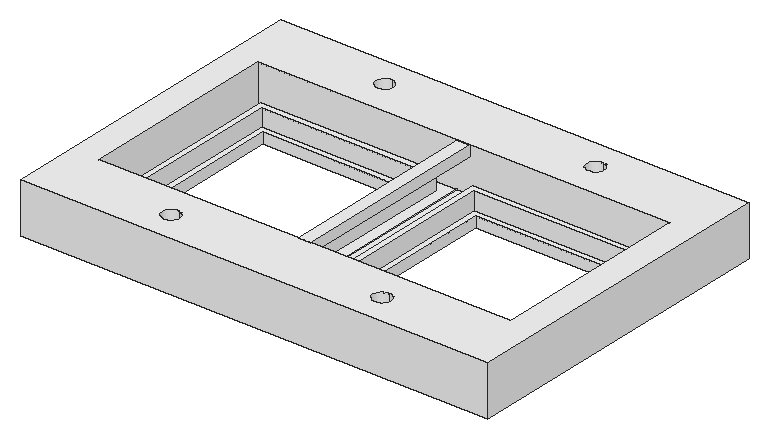
Revit family "Gira_021265", category Electrical Fixtures, host Face, Revit 2017
Family settings
  Host = Face
  Maintain Annotation Orientation = No
  Round Connector Dimension = Use Diameter
  Part Type = Normal
  Cut with Voids When Loaded = No
  Shared = No
  Room Calculation Point = No
Parameters (values of type "Cov.fr. 2-g Gira TX_44 (WP FM) c.alum.")
  With mounting grid = "No"
  With hinged lid = "No"
  URL = "http://katalog.gira.de/en/datenblatt.html?artikelnr=021265"
  Type of fastening = "Clamp mounting"
  Transparent = "No"
  Surface protection = "Lacquered"
  Suitable for wall duct = "No"
  Suitable for flush-mounted installation = "Yes"
  Suitable for floor box = "No"
  Suitable for built-in installation = "No"
  Number of units vertical = "2"
  Number of units horizontal = "2"
  Number of units = "2"
  Name = "Cov.fr. 2-g Gira TX_44 (WP FM) c.alum."
  Mounting direction = "Horizontal and vertical"
  Material quality = "Thermoplastic"
  Material = "Plastic"
  Manufacturer URL = "https://www.gira.de/"
  Manufacturer = "Gira"
  Label space/information surface = "No"
  Keynote = ""
  HeinzeBIM = "https://bimportal.heinze.de/bim/cov-fr-2-g-gira-tx-44-wp-fm-c-alum-/4d8758685c8efe245ec6aab18b183d1635b6ad96"
  Halogen free = "No"
  HAN = "021265"
  GTIN = "4010337212652"
  Description = "Cov.fr.2g TX_44 CAl,Gira TX_44 cover frame,colour aluminium,2-gang,Features:,- Shatter-proof.,,Notes :,- Frames are easy to install without tools; disassembly requires a Torx screwdriver T9 or T10.,- Wall plug mounting is possible.,- Centre inserts safeguarded against disassembly."
  Degree of protection (IP) = "IP44"
  Default Elevation = 1219.2 mm
  Data sheet (1) = "https://katalog.gira.de/en/download.html?artikelnr=021265"
  Colour = "Aluminium"
  Category = "Cover frame for domestic switching devices"
  BIM (1) = "https://media.stage.bim.site/public/gira/36a6b08/TX44_Rahmen_2fach.rfa"
  Available = "No"
Reference planes
  plane 1 "Center (Front/Back)": y = 0
  plane 2: z = 0
  plane 3 "Center (Left/Right)": x = 0
  plane 4: x = 78.75
  plane 5: x = 2
  plane 6: x = -2
Forms (mm)
  Extrusion 1, solid, material "White", detail levels fine
    sketch origin (-35.841, 0, 0) x (0, -1, 0) y (1, 0, 0)
      loop
        line (-54.959, 114.591) -> (-54.959, -42.909) -> (54.959, -42.909) -> (54.959, 114.591) -> (-54.959, 114.591)
      loop
        line (-33.5, -33.5) -> (33.5, -33.5) -> (33.5, 105.183) -> (-33.5, 105.183) -> (-33.5, -33.5)
      loop
        circle (-45, -0.006) r 3
      loop
        circle (44.992, 0.001) r 3
      loop
        circle (-45, 71.094) r 3
      loop
        circle (44.992, 71.101) r 3
    from 0 to 16.9
  Extrusion 2, solid, material "White", detail levels fine
    sketch origin (-35.841, 0, 0) x (0, -1, 0) y (1, 0, 0)
      loop
        line (-25.5, 25.5) -> (-25.5, -25.5) -> (25.5, -25.5) -> (25.5, 25.5) -> (-25.5, 25.5)
      loop
        line (-33.5, 33.5) -> (-33.5, -33.5) -> (33.5, -33.5) -> (33.5, 33.5) -> (-33.5, 33.5)
    from -1.6 to 2
  Extrusion 3, solid, material "White", detail levels fine
    sketch origin (-35.841, 0, 0) x (0, -1, 0) y (1, 0, 0)
      loop
        line (-27.5, 27.5) -> (-27.5, -27.5) -> (27.5, -27.5) -> (27.5, 27.5) -> (-27.5, 27.5)
      loop
        line (-29.5, 29.5) -> (-29.5, -29.5) -> (29.5, -29.5) -> (29.5, 29.5) -> (-29.5, 29.5)
    from 2 to 7.8
  Extrusion 4, solid, material "White", detail levels coarse+medium
    sketch origin (-35.841, 0, 0) x (0, -1, 0) y (1, 0, 0)
      loop
        line (-54.959, 114.591) -> (-54.959, -42.909) -> (54.959, -42.909) -> (54.959, 114.591) -> (-54.959, 114.591)
    from -1.6 to 16.9
  Extrusion 5, solid, material "White", detail levels fine
    sketch origin (35.841, 0, 0) x (0, -1, 0) y (1, 0, 0)
      loop
        line (-25.5, 25.5) -> (-25.5, -25.5) -> (25.5, -25.5) -> (25.5, 25.5) -> (-25.5, 25.5)
      loop
        line (-33.5, 33.5) -> (-33.5, -33.5) -> (33.5, -33.5) -> (33.5, 33.5) -> (-33.5, 33.5)
    from -1.6 to 2
  Extrusion 6, solid, material "White", detail levels fine
    sketch origin (35.841, 0, 0) x (0, -1, 0) y (1, 0, 0)
      loop
        line (-27.5, 27.5) -> (-27.5, -27.5) -> (27.5, -27.5) -> (27.5, 27.5) -> (-27.5, 27.5)
      loop
        line (-29.5, 29.5) -> (-29.5, -29.5) -> (29.5, -29.5) -> (29.5, 29.5) -> (-29.5, 29.5)
    from 2 to 7.8
  Extrusion 7, solid, material "White", detail levels fine
    sketch origin (-35.841, 0, 0) x (0, -1, 0) y (1, 0, 0)
      loop
        line (-33.5, 38.183) -> (-33.5, 33.5) -> (33.5, 33.5) -> (33.5, 38.183) -> (-33.5, 38.183)
    from 0 to 2
  Extrusion 8, solid, material "White", detail levels fine
    sketch origin (-35.841, 0, 0) x (0, -1, 0) y (1, 0, 0)
      loop
        line (-33.5, 37.841) -> (-33.5, 33.841) -> (33.5, 33.841) -> (33.5, 37.841) -> (-33.5, 37.841)
    from 13.4 to 16.9
Dimensions and locks
  aligned and locked: plane 2 to host face
  aligned and locked: level to host face
